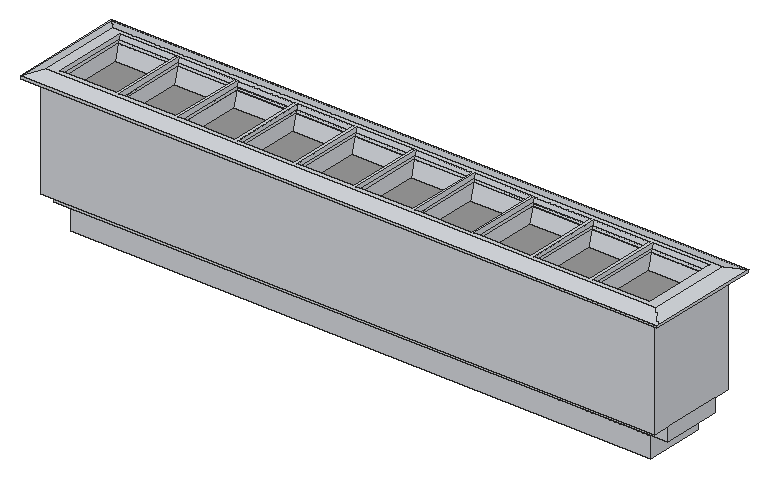
Revit family "2061471 Sylvania Lighting Fixture DOMINO 10xLED 930 BLACK MB TRIM BLACK DALI", category Lighting Fixtures, host Face, Revit 2018
Family settings
  Host = Face
  Round Connector Dimension = Use Diameter
  Part Type = Normal
  OmniClass Number = 23.80.70.00
  OmniClass Title = Lighting
  Cut with Voids When Loaded = No
  Light Source = Yes
  Shared = No
  Room Calculation Point = No
Parameters (values of type "2061471 DOMINO 10XLED 930 BLACK MB TR BLK DALI")
  top top width = 15.812 mm
  top top length = 255 mm
  Width = 50 mm
  Weight = "n/a"
  Wattage Comments = ""
  Wattage = 9.2903 W
  WarrantyStartDate [instance] = "n/a"
  WarrantyGuarantorParts = "n/a"
  WarrantyDurationUnit = "n/a"
  WarrantyDurationParts = ""
  WarrantyDescription = "http://www.sylvania-lighting.com"
  built-in parameter 1150110 = 1 (stored number, unit not read)
  Voltage = 0 V
  URL = "0.96"
  TypeName = "DOMINO 10xLED 930 BLACK MB TRIM BLACK DALI"
  Type Image = <None>
  Type Comments = "n/a"
  built-in parameter 1114217 = 1 (stored number, unit not read)
  Top Width = 26 mm
  Tilt Angle = 90.00°
  built-in parameter 1150109 = 1 (stored number, unit not read)
  built-in parameter 1150134 = 3
  built-in parameter 1150113 = 1 (stored number, unit not read)
  SerialNumber [instance] = "n/a"
  Recessed Width = 43 mm
  Recessed Length = 276 mm
  Photometric Web File = "2061471.ies"
  Material_3_FEILO = none
  PowerFactor = 0
  PowerConsumption = "Lighting"
  NominalLength = 50 mm
  NominalHeight = 0 mm
  NominalDepth = 0 mm
  Name = "DOMINO 10xLED 930 BLACK MB TRIM BLACK DALI"
  ModelReference = Name  # "DOMINO 10xLED 930 BLACK MB TRIM BLACK DALI"
  ModelNumber = "2061471"
  Model = Name  # "DOMINO 10xLED 930 BLACK MB TRIM BLACK DALI"
  Material = "Feilo Sylvania"
  ManufacturerName = "62 lm/W"
  Manufacturer = ""
  LuminousEfficacy = ""
  built-in parameter 1150105 = 109.82 (stored number, unit not read)
  Lumens = 1380 lm
  LuminaireType = "0"
  built-in parameter 1150115 = 1 (stored number, unit not read)
  LightOutputRatio = "LED"
  built-in parameter 1150137 = (empty or 0)
  built-in parameter 1150139 = (empty or 0)
  Lens inside recess = 25 mm
  Lens Width = 32 mm
  Lens Outside recess = 31.978 mm
  Lens = Glass, White, High Luminance
  Length = 280 mm
  LampsType = Lamp  # "n/a"
  LampNominalLuminous = "3000 K"
  LampMacAdamStep = "90"
  LampColourTemperature = "LED"
  LampColourRenderingIndex = "16500"
  built-in parameter 1150112 = 1 (stored number, unit not read)
  built-in parameter 1150114 = 1 (stored number, unit not read)
  Lamp = "n/a"
  Keynote = "n/a"
  InstallationDate [instance] = "n/a"
  InputVoltage = "0"
  InputNominalFrequency = "3000"
  built-in parameter 1150132 = (empty or 0)
  built-in parameter 1150102 = (empty or 0)
  built-in parameter 1150107 = 3200 (stored number, unit not read)
  built-in parameter 1150138 = (empty or 0)
  IngressProtection = "IfcLightFixtureType"
  ImpactProtectionIndex = "IfcLightFixtureType"
  built-in parameter 1150106 = 1.0982 (stored number, unit not read)
  IfcExportType = "IfcLightFixtureType"
  IfcExportAs = "Class II"
  Facia internal width = 37 mm
  Facia internal length = 268 mm
  Facia Height = 2 mm
  ExpectedLife = 50000
  Emit from Circle Diameter = 609.6 mm
  Emit Shape Visible in Rendering = no
  ElectricShockClassification = "62"
  built-in parameter 1150104 = 13.8 (stored number, unit not read)
  DurationUnit = "hours"
  DocumentationLiterature = "http://www.sylvania-lighting.com/product/en-int/products/2061471"
  DimmingControlOptions = "n/a"
  Material_2_FEILO = none
  Dimming Lamp Color Temperature Shift = <None>
  Description = "Modular LED recessed linear spotlight, ideal for retail and hospitality applications. Die-cast aluminium body, passive cooling. Two levels of reflector installation, low glaring UGR<16. 10x LED source, 30° beam angle , optics: PMMA lens and polycarbonate reflector combination, Black matt reflector finish. Light color temperature: 3000K warm white, total system power: 23W , total fixture lumen output: 1425lm, efficacy: 62 lm/W, Ra90 typical, LED chromacity: 3 step MacAdam ellipse (SDCM3), lifespan: 96,000 hours at 90% of the original output (L90B10), IR/UV free light source without heat radiation, operating voltage: 220-240V / 50-60Hz, electronic driver, ultra low flicker, DALI , electrical protection: Class II. Degree of Protection: IP40/IP20, suitable for indoor environment only. Ceiling cut-out: 43x43mm, outer dimensions:  280x50mm trim frame RAL 9005 - Jet black color.5 years Warranty."
  Default Elevation = 1219.2 mm
  CreatedOn = "11/02/2021"
  CreatedBy = "@sylvania-lighting.com"
  Cost = 0
  Color Filter = 16777215
  built-in parameter 1114216 [instance] = (empty or 0)
  ClassificationValue = "EF_70_80"
  ClassificationName = "Uniclass2015"
  Material_1_FEILO = none
  Body Width = 40 mm
  Body Length = 270 mm
  BarCode [instance] = "n/a"
  built-in parameter 1114218 = 1 (stored number, unit not read)
  built-in parameter 1150133 = 10 (stored number, unit not read)
  AssetType = "Fixed"
  AssetIdentifier [instance] = "n/a"
  Assembly Code = "D5020200"
  Apparent Load = 23 VA
  Material_4_FEILO = none
Reference planes
  plane 1 "Center (Front/Back)": y = 0
  plane 2: z = 0
  plane 3 "Center (Left/Right)": x = 0
  plane 4: z = 0
  plane 5: z = -7
  plane 6: z = -45.895
  plane 7: z = -51.895
  plane 8: z = -60.895
  plane 9: x = -138
  plane 10: x = 138
  plane 11: y = 21.5
  plane 12: y = -21.5
  plane 13: x = -140
  plane 14: x = 140
  plane 15: y = 25
  plane 16: y = -25
  plane 17: x = 134
  plane 18: x = -134
  plane 19: y = 18.5
  plane 20: y = -18.5
  plane 21: z = 2
  plane 22: x = -135
  plane 23: x = 135
  plane 24: y = 20
  plane 25: y = -20
  plane 26: y = 13
  plane 27: y = -13
  plane 28: x = 127.5
  plane 29: x = -127.5
  plane 30: x = -132
  plane 31: y = 16.5
  plane 32: y = -16.472
  plane 33: y = 13
  plane 34: y = -12.972
  plane 35: x = 129.7
  plane 36: x = 127.224
Forms (mm)
  Extrusion 1, solid, not visible, detail levels medium+fine
    sketch origin (4.2, 0, 0) x (1, 0, 0) y (0, 1, 0)
      loop
        line (-29.2, 34.5) -> (-29.2, -34.5) -> (20.8, -34.5) -> (20.8, 34.5) -> (-29.2, 34.5)
    from 0 to 1
  Extrusion 2, solid, not visible, detail levels medium+fine
    sketch origin (4.044, 0, 0) x (1, 0, 0) y (0, 1, 0)
      loop
        line (-29.2, 34.5) -> (-29.2, -34.5) -> (20.8, -34.5) -> (20.8, 34.5) -> (-29.2, 34.5)
    from 0 to 1
  Blend 3, solid, not visible, detail levels medium+fine
    base sketch origin (4.2, 0, 0) x (1, 0, 0) y (0, 1, 0)
      loop
        line (-29.2, 34.5) -> (-29.2, -34.5) -> (20.8, -34.5) -> (20.8, 34.5) -> (-29.2, 34.5)
    top sketch origin (4.2, 0, 0) x (1, 0, 0) y (0, 1, 0)
      loop
        line (-21.7, 28) -> (-21.7, -28) -> (13.3, -28) -> (13.3, 28) -> (-21.7, 28)
    from 1 to 3
  Extrusion 4, solid, not visible, detail levels medium+fine
    sketch origin (3.419, 0, 0) x (1, 0, 0) y (0, 1, 0)
      loop
        line (-29.2, 34.5) -> (-29.2, -34.5) -> (20.8, -34.5) -> (20.8, 34.5) -> (-29.2, 34.5)
    from 0 to 1
  Blend 5, solid, not visible, detail levels medium+fine
    base sketch origin (3.575, 0, 0) x (1, 0, 0) y (0, 1, 0)
      loop
        line (-29.2, 34.5) -> (-29.2, -34.5) -> (20.8, -34.5) -> (20.8, 34.5) -> (-29.2, 34.5)
    top sketch origin (3.575, 0, 0) x (1, 0, 0) y (0, 1, 0)
      loop
        line (-21.7, 28) -> (-21.7, -28) -> (13.3, -28) -> (13.3, 28) -> (-21.7, 28)
    from 1 to 3
  Extrusion 6, solid, not visible, detail levels medium+fine
    sketch origin (4.247, 0, 0) x (1, 0, 0) y (0, 1, 0)
      loop
        line (-29.2, 34.5) -> (-29.2, -34.5) -> (20.8, -34.5) -> (20.8, 34.5) -> (-29.2, 34.5)
    from 0 to 1
  Blend 7, solid, not visible, detail levels medium+fine
    base sketch origin (4.403, 0, 0) x (1, 0, 0) y (0, 1, 0)
      loop
        line (-29.2, 34.5) -> (-29.2, -34.5) -> (20.8, -34.5) -> (20.8, 34.5) -> (-29.2, 34.5)
    top sketch origin (4.403, 0, 0) x (1, 0, 0) y (0, 1, 0)
      loop
        line (-21.7, 28) -> (-21.7, -28) -> (13.3, -28) -> (13.3, 28) -> (-21.7, 28)
    from 1 to 3
  Extrusion 8, void, detail levels medium+fine
    sketch origin (4.2, 0, 0) x (0, 1, 0) y (1, 0, 0)
      loop
        line (21.5, -142.2) -> (21.5, 133.8) -> (-21.5, 133.8) -> (-21.5, -142.2) -> (21.5, -142.2)
    from -9.934 to 83.097
  Extrusion 9, solid, detail levels medium+fine
    sketch origin (4.2, 0, 0) x (1, 0, 0) y (0, 1, 0)
      loop
        line (-144.2, 25) -> (-144.2, -25) -> (135.8, -25) -> (135.8, 25) -> (-144.2, 25)
    from 0 to 1
  Extrusion 10, solid, detail levels medium+fine
    sketch origin (4.2, 0, 0) x (1, 0, 0) y (0, 1, 0)
      loop
        line (-139.2, 20) -> (-139.2, -20) -> (130.8, -20) -> (130.8, 20) -> (-139.2, 20)
    from 0 to -45.895
  Extrusion 11, solid, detail levels medium+fine
    sketch origin (4.2, 0, 0) x (1, 0, 0) y (0, 1, 0)
      loop
        line (-139.2, 13) -> (-139.2, -13) -> (130.8, -13) -> (130.8, 13) -> (-139.2, 13)
    from -51.895 to -45.895
  Extrusion 12, solid, material "Glass, White, High Luminance" <- "Lens", detail levels fine
    sketch origin (-53.155, 1221.106, 36.156) x (1, 0, 0) y (0, 1, 0)
      loop
        line (-76.18, -1206.856) -> (-76.18, -1232.856) -> (-52.18, -1232.856) -> (-52.18, -1206.856) -> (-76.18, -1206.856)
    from -43.156 to -42.182
  Blend 13, solid, detail levels medium+fine
    base sketch origin (4.2, 0, 0) x (1, 0, 0) y (0, 1, 0)
      loop
        line (-144.2, 25) -> (-144.2, -25) -> (135.8, -25) -> (135.8, 25) -> (-144.2, 25)
    top sketch origin (4.2, 0, 0) x (1, 0, 0) y (0, 1, 0)
      loop
        line (-138.2, 18.5) -> (-138.2, -18.5) -> (129.8, -18.5) -> (129.8, 18.5) -> (-138.2, 18.5)
    from 1 to 3
  Extrusion 14, solid, detail levels fine
    sketch origin (0, 0, 0) x (1, 0, 0) y (0, 0, 1)
      loop
        line (-127.5, -51.895) -> (-127.5, -60.895) -> (127.5, -60.895) -> (127.5, -51.895) -> (-127.5, -51.895)
    from -13 to 13
  Blend 15, void
    base sketch origin (-59.8, 0, 0) x (0, 1, 0) y (-1, 0, 0)
      loop
        line (16.5, 69.7) -> (-16.472, 69.7) -> (-16.472, 44.7) -> (16.5, 44.7) -> (16.5, 69.7)
    top sketch origin (-59.8, 0, 0) x (0, 1, 0) y (-1, 0, 0)
      loop
        line (13, 69.2) -> (-12.972, 69.2) -> (-12.972, 45.2) -> (13, 45.2) -> (13, 69.2)
    from 3 to -7
  Blend 16, void
    base sketch origin (18.282, 0, 0) x (0, 1, 0) y (-1, 0, 0)
      loop
        line (16.5, 69.7) -> (-16.472, 69.7) -> (-16.472, 44.7) -> (16.5, 44.7) -> (16.5, 69.7)
    top sketch origin (18.282, 0, 0) x (0, 1, 0) y (-1, 0, 0)
      loop
        line (13, 69.2) -> (-12.972, 69.2) -> (-12.972, 45.2) -> (13, 45.2) -> (13, 69.2)
    from 3 to -7
  Blend 17, void
    base sketch origin (44.284, -0.017, 0) x (0, 1, 0) y (-1, 0, 0)
      loop
        line (16.5, 69.7) -> (-16.472, 69.7) -> (-16.472, 44.7) -> (16.5, 44.7) -> (16.5, 69.7)
    top sketch origin (44.284, -0.017, 0) x (0, 1, 0) y (-1, 0, 0)
      loop
        line (13, 69.2) -> (-12.972, 69.2) -> (-12.972, 45.2) -> (13, 45.2) -> (13, 69.2)
    from 3 to -7
  Blend 18, void
    base sketch origin (70.327, 0, 0) x (0, 1, 0) y (-1, 0, 0)
      loop
        line (16.5, 69.7) -> (-16.472, 69.7) -> (-16.472, 44.7) -> (16.5, 44.7) -> (16.5, 69.7)
    top sketch origin (70.327, 0, 0) x (0, 1, 0) y (-1, 0, 0)
      loop
        line (13, 69.2) -> (-12.972, 69.2) -> (-12.972, 45.2) -> (13, 45.2) -> (13, 69.2)
    from 3 to -7
  Blend 19, void
    base sketch origin (96.351, 0, 0) x (0, 1, 0) y (-1, 0, 0)
      loop
        line (16.5, 69.7) -> (-16.472, 69.7) -> (-16.472, 44.7) -> (16.5, 44.7) -> (16.5, 69.7)
    top sketch origin (96.351, 0, 0) x (0, 1, 0) y (-1, 0, 0)
      loop
        line (13, 69.2) -> (-12.972, 69.2) -> (-12.972, 45.2) -> (13, 45.2) -> (13, 69.2)
    from 3 to -7
  Extrusion 20, solid, material "Glass, White, High Luminance" <- "Lens", detail levels fine
    sketch origin (-29.269, 1219.946, 36.156) x (1, 0, 0) y (0, 1, 0)
      loop
        line (-73.723, -1206.946) -> (-73.723, -1232.946) -> (-49.723, -1232.946) -> (-49.723, -1206.946) -> (-73.723, -1206.946)
    from -43.156 to -42.182
  Extrusion 21, solid, material "Glass, White, High Luminance" <- "Lens", detail levels fine
    sketch origin (-0.613, 1219.733, 36.156) x (1, 0, 0) y (0, 1, 0)
      loop
        line (-76.347, -1206.7) -> (-76.347, -1232.733) -> (-52.347, -1232.733) -> (-52.347, -1206.7) -> (-76.347, -1206.7)
    from -43.156 to -42.182
  Extrusion 22, solid, material "Glass, White, High Luminance" <- "Lens", detail levels fine
    sketch origin (24.387, 1218.509, 36.156) x (1, 0, 0) y (0, 1, 0)
      loop
        line (-75.305, -1205.509) -> (-75.305, -1231.509) -> (-51.305, -1231.509) -> (-51.305, -1205.509) -> (-75.305, -1205.509)
    from -43.156 to -42.182
  Extrusion 23, solid, material "Glass, White, High Luminance" <- "Lens", detail levels fine
    sketch origin (51.187, 1219.547, 36.156) x (1, 0, 0) y (0, 1, 0)
      loop
        line (-76.102, -1206.547) -> (-76.102, -1232.547) -> (-52.102, -1232.547) -> (-52.102, -1206.547) -> (-76.102, -1206.547)
    from -43.156 to -42.182
  Blend 24, void
    base sketch origin (-33.792, 0, 0) x (0, 1, 0) y (-1, 0, 0)
      loop
        line (16.5, 69.7) -> (-16.472, 69.7) -> (-16.472, 44.7) -> (16.5, 44.7) -> (16.5, 69.7)
    top sketch origin (-33.792, 0, 0) x (0, 1, 0) y (-1, 0, 0)
      loop
        line (13, 69.2) -> (-12.972, 69.2) -> (-12.972, 45.2) -> (13, 45.2) -> (13, 69.2)
    from 3 to -7
  Blend 25, void
    base sketch origin (-7.76, 0, 0) x (0, 1, 0) y (-1, 0, 0)
      loop
        line (16.5, 69.7) -> (-16.472, 69.7) -> (-16.472, 44.7) -> (16.5, 44.7) -> (16.5, 69.7)
    top sketch origin (-7.76, 0, 0) x (0, 1, 0) y (-1, 0, 0)
      loop
        line (13, 69.2) -> (-12.972, 69.2) -> (-12.972, 45.2) -> (13, 45.2) -> (13, 69.2)
    from 3 to -7
  Blend 26, void
    base sketch origin (122.411, 0, 0) x (0, 1, 0) y (-1, 0, 0)
      loop
        line (16.5, 69.7) -> (-16.472, 69.7) -> (-16.472, 44.7) -> (16.5, 44.7) -> (16.5, 69.7)
    top sketch origin (122.411, 0, 0) x (0, 1, 0) y (-1, 0, 0)
      loop
        line (13, 69.2) -> (-12.972, 69.2) -> (-12.972, 45.2) -> (13, 45.2) -> (13, 69.2)
    from 3 to -7
  Extrusion 27, solid, material "Glass, White, High Luminance" <- "Lens", detail levels fine
    sketch origin (77.265, 1219.547, 36.156) x (1, 0, 0) y (0, 1, 0)
      loop
        line (-76.102, -1206.547) -> (-76.102, -1232.547) -> (-52.102, -1232.547) -> (-52.102, -1206.547) -> (-76.102, -1206.547)
    from -43.156 to -42.182
  Extrusion 28, solid, material "Glass, White, High Luminance" <- "Lens", detail levels fine
    sketch origin (100.753, 1219.547, 36.156) x (1, 0, 0) y (0, 1, 0)
      loop
        line (-76.102, -1206.547) -> (-76.102, -1232.547) -> (-52.102, -1232.547) -> (-52.102, -1206.547) -> (-76.102, -1206.547)
    from -43.156 to -42.182
  Extrusion 29, solid, material "Glass, White, High Luminance" <- "Lens", detail levels fine
    sketch origin (129.314, 1219.547, 36.156) x (1, 0, 0) y (0, 1, 0)
      loop
        line (-76.102, -1206.547) -> (-76.102, -1232.547) -> (-52.102, -1232.547) -> (-52.102, -1206.547) -> (-76.102, -1206.547)
    from -43.156 to -42.182
  Blend 30, void
    base sketch origin (148.416, 0, 0) x (0, 1, 0) y (-1, 0, 0)
      loop
        line (16.5, 69.7) -> (-16.472, 69.7) -> (-16.472, 44.7) -> (16.5, 44.7) -> (16.5, 69.7)
    top sketch origin (148.416, 0, 0) x (0, 1, 0) y (-1, 0, 0)
      loop
        line (13, 69.2) -> (-12.972, 69.2) -> (-12.972, 45.2) -> (13, 45.2) -> (13, 69.2)
    from 3 to -7
  Extrusion 31, solid, material "Glass, White, High Luminance" <- "Lens", detail levels fine
    sketch origin (155.278, 1219.547, 36.156) x (1, 0, 0) y (0, 1, 0)
      loop
        line (-76.102, -1206.547) -> (-76.102, -1232.547) -> (-52.102, -1232.547) -> (-52.102, -1206.547) -> (-76.102, -1206.547)
    from -43.156 to -42.182
  Blend 32, void
    base sketch origin (174.42, 0, 0) x (0, 1, 0) y (-1, 0, 0)
      loop
        line (16.5, 69.7) -> (-16.472, 69.7) -> (-16.472, 44.7) -> (16.5, 44.7) -> (16.5, 69.7)
    top sketch origin (174.42, 0, 0) x (0, 1, 0) y (-1, 0, 0)
      loop
        line (13, 69.2) -> (-12.972, 69.2) -> (-12.972, 45.2) -> (13, 45.2) -> (13, 69.2)
    from 3 to -7
  Extrusion 33, solid, material "Glass, White, High Luminance" <- "Lens", detail levels fine
    sketch origin (181.434, 1219.547, 36.156) x (1, 0, 0) y (0, 1, 0)
      loop
        line (-76.214, -1206.547) -> (-76.214, -1232.547) -> (-52.214, -1232.547) -> (-52.214, -1206.547) -> (-76.214, -1206.547)
    from -43.156 to -42.182
  Extrusion 34, solid, detail levels coarse
    sketch origin (4.2, 0, 0) x (1, 0, 0) y (0, 1, 0)
      loop
        line (-144.2, 25) -> (-144.2, -25) -> (135.8, -25) -> (135.8, 25) -> (-144.2, 25)
    from -60.895 to 3
Cuts and joins
  Blend 15, Blend 16, Blend 17, Blend 18, Blend 19, Blend 24, Blend 25, Blend 26, Blend 30, Blend 32 cuts Extrusion 9
  Blend 15, Blend 16, Blend 17, Blend 18, Blend 19, Blend 24, Blend 25, Blend 26, Blend 30, Blend 32 cuts Extrusion 10
  Blend 15, Blend 16, Blend 17, Blend 18, Blend 19, Blend 24, Blend 25, Blend 26, Blend 30, Blend 32 cuts Blend 13
  Blend 32 cuts Extrusion 31
Dimensions and locks
  "Recessed Length": plane 9 to plane 10
  equal spacing: plane 9, plane 3 "Center (Left/Right)", plane 10
  "Length": plane 13 to plane 14
  equal spacing: plane 13, plane 3 "Center (Left/Right)", plane 14
  "Recessed Width": plane 11 to plane 12
  equal spacing: plane 11, plane 1 "Center (Front/Back)", plane 12
  "Width": plane 15 to plane 16
  equal spacing: plane 15, plane 1 "Center (Front/Back)", plane 16
  "Facia internal length": plane 18 to plane 17
  equal spacing: plane 18, plane 3 "Center (Left/Right)", plane 17
  "Facia internal width": plane 19 to plane 20
  equal spacing: plane 19, plane 1 "Center (Front/Back)", plane 20
  "Facia Height": plane 21 to host face
  "Body Length": plane 22 to plane 23
  equal spacing: plane 22, plane 3 "Center (Left/Right)", plane 23
  "Body Width": plane 24 to plane 25
  equal spacing: plane 24, plane 1 "Center (Front/Back)", plane 25
  "Top Width": plane 26 to plane 27
  equal spacing: plane 26, plane 1 "Center (Front/Back)", plane 27
  "top top length": plane 29 to plane 28
  equal spacing: plane 29, plane 3 "Center (Left/Right)", plane 28  (x2)
  plane 28 to plane 29 = 255 mm
  equal spacing: plane 28, plane 3 "Center (Left/Right)", plane 29
  aligned and locked: plane 2 to host face
  aligned and locked: level to host face
  aligned and locked: Extrusion 11 to plane 7
  aligned and locked: Extrusion 10 to plane 6
  aligned and locked: Extrusion 12 to plane 5
Automatic sketch dimensions
  Extrusion 1 sketch curve to Extrusion 1 sketch curve = 50 mm
  Extrusion 1 sketch curve to Extrusion 1 sketch curve = 69 mm
  Extrusion 2 sketch curve to Extrusion 2 sketch curve = 50 mm
  Extrusion 2 sketch curve to Extrusion 2 sketch curve = 69 mm
  Blend 3 sketch curve to Blend 3 sketch curve = 50 mm
  Blend 3 sketch curve to Blend 3 sketch curve = 69 mm
  Blend 3 sketch curve to Blend 3 sketch curve = 35 mm
  Blend 3 sketch curve to Blend 3 sketch curve = 56 mm
  Extrusion 4 sketch curve to Extrusion 4 sketch curve = 50 mm
  Extrusion 4 sketch curve to Extrusion 4 sketch curve = 69 mm
  Blend 5 sketch curve to Blend 5 sketch curve = 50 mm
  Blend 5 sketch curve to Blend 5 sketch curve = 69 mm
  Blend 5 sketch curve to Blend 5 sketch curve = 35 mm
  Blend 5 sketch curve to Blend 5 sketch curve = 56 mm
  Extrusion 6 sketch curve to Extrusion 6 sketch curve = 50 mm
  Extrusion 6 sketch curve to Extrusion 6 sketch curve = 69 mm
  Blend 7 sketch curve to Blend 7 sketch curve = 50 mm
  Blend 7 sketch curve to Blend 7 sketch curve = 69 mm
  Blend 7 sketch curve to Blend 7 sketch curve = 35 mm
  Blend 7 sketch curve to Blend 7 sketch curve = 56 mm
  host sketch curve to host sketch curve = 2438.4 mm  (x2)
  Extrusion 8 sketch curve to plane 9 = 0 mm
  Extrusion 8 sketch curve to plane 12 = 0 mm
  Extrusion 8 sketch curve to plane 11 = 0 mm
  Extrusion 8 sketch curve to plane 10 = 0 mm
  Extrusion 9 sketch curve to plane 13 = 0 mm
  Extrusion 9 sketch curve to plane 14 = 0 mm
  Extrusion 9 sketch curve to plane 16 = 0 mm
  Extrusion 9 sketch curve to plane 15 = 0 mm
  Extrusion 10 sketch curve to plane 22 = 0 mm
  Extrusion 10 sketch curve to plane 23 = 0 mm
  Extrusion 10 sketch curve to plane 25 = 0 mm
  Extrusion 10 sketch curve to plane 24 = 0 mm
  Extrusion 11 sketch curve to plane 22 = 0 mm
  Extrusion 11 sketch curve to plane 23 = 0 mm
  Extrusion 11 sketch curve to plane 27 = 0 mm
  plane 26 to Extrusion 11 sketch curve = 0 mm
  plane 27 to Extrusion 12 sketch curve = 1.25 mm
  plane 26 to Extrusion 12 sketch curve = 1.25 mm
  plane 30 to Extrusion 12 sketch curve = 2.665 mm
  Blend 13 sketch curve to plane 13 = 0 mm
  Blend 13 sketch curve to plane 14 = 0 mm
  Blend 13 sketch curve to plane 16 = 0 mm
  Blend 13 sketch curve to plane 15 = 0 mm
  Blend 13 sketch curve to plane 18 = 0 mm
  Blend 13 sketch curve to plane 17 = 0 mm
  Blend 13 sketch curve to plane 20 = 0 mm
  Blend 13 sketch curve to plane 19 = 0 mm
  Extrusion 14 sketch curve to plane 8 = 0 mm
  Extrusion 14 sketch curve to plane 29 = 0 mm
  Extrusion 14 sketch curve to plane 28 = 0 mm
  Extrusion 14 sketch curve to plane 7 = 0 mm
  plane 30 to Blend 15 sketch curve = 2.5 mm
  Blend 15 sketch curve to plane 32 = 0 mm
  Blend 15 sketch curve to plane 31 = 0 mm
  Blend 15 sketch curve to plane 34 = 0 mm
  Blend 15 sketch curve to plane 26 = 0 mm
  plane 30 to Blend 15 sketch curve = 3 mm
  Blend 16 sketch curve to plane 32 = 0 mm
  Blend 16 sketch curve to plane 31 = 0 mm
  Blend 16 sketch curve to plane 34 = 0 mm
  Blend 16 sketch curve to plane 26 = 0 mm
  Blend 17 sketch curve to plane 32 = 0.017 mm
  Blend 17 sketch curve to plane 31 = 0.017 mm
  plane 27 to Blend 17 sketch curve = 0.011 mm
  Blend 17 sketch curve to plane 26 = 0.017 mm
  plane 32 to Blend 18 sketch curve = 0 mm
  plane 31 to Blend 18 sketch curve = 0 mm
  plane 34 to Blend 18 sketch curve = 0 mm
  plane 26 to Blend 18 sketch curve = 0 mm
  Blend 19 sketch curve to plane 32 = 0 mm
  Blend 19 sketch curve to plane 31 = 0 mm
  Blend 19 sketch curve to plane 34 = 0 mm
  Blend 19 sketch curve to plane 26 = 0 mm
  Extrusion 20 sketch curve to plane 27 = 0 mm
  Extrusion 20 sketch curve to plane 26 = 0 mm
  Extrusion 21 sketch curve to plane 27 = 0 mm
  plane 26 to Extrusion 21 sketch curve = 0.033 mm
  Extrusion 22 sketch curve to plane 27 = 0 mm
  Extrusion 22 sketch curve to plane 26 = 0 mm
  Extrusion 23 sketch curve to plane 27 = 0 mm
  Extrusion 23 sketch curve to plane 26 = 0 mm
  Blend 24 sketch curve to plane 32 = 0 mm
  Blend 24 sketch curve to plane 31 = 0 mm
  Blend 24 sketch curve to plane 34 = 0 mm
  Blend 24 sketch curve to plane 26 = 0 mm
  Blend 25 sketch curve to plane 32 = 0 mm
  Blend 25 sketch curve to plane 31 = 0 mm
  Blend 25 sketch curve to plane 34 = 0 mm
  Blend 25 sketch curve to plane 26 = 0 mm
  Blend 26 sketch curve to plane 32 = 0 mm
  Blend 26 sketch curve to plane 31 = 0 mm
  Blend 26 sketch curve to plane 34 = 0 mm
  Blend 26 sketch curve to plane 26 = 0 mm
  Extrusion 27 sketch curve to plane 27 = 0 mm
  Extrusion 27 sketch curve to plane 26 = 0 mm
  Extrusion 28 sketch curve to plane 27 = 0 mm
  Extrusion 28 sketch curve to plane 26 = 0 mm
  Extrusion 29 sketch curve to plane 27 = 0 mm
  Extrusion 29 sketch curve to plane 26 = 0 mm
  Blend 30 sketch curve to plane 32 = 0 mm
  Blend 30 sketch curve to plane 31 = 0 mm
  Blend 30 sketch curve to plane 34 = 0 mm
  Blend 30 sketch curve to plane 26 = 0 mm
  Extrusion 31 sketch curve to plane 27 = 0 mm
  Extrusion 31 sketch curve to plane 26 = 0 mm
  Blend 32 sketch curve to plane 32 = 0 mm
  Blend 32 sketch curve to plane 31 = 0 mm
  plane 28 to Blend 32 sketch curve = 2.22 mm
  Blend 32 sketch curve to plane 34 = 0 mm
  Blend 32 sketch curve to plane 26 = 0 mm
  plane 28 to Blend 32 sketch curve = 1.72 mm
  plane 27 to Extrusion 33 sketch curve = 0 mm
  plane 26 to Extrusion 33 sketch curve = 0 mm
  plane 28 to Extrusion 33 sketch curve = 1.72 mm
  Extrusion 21 sketch curve to Extrusion 21 sketch curve = 24 mm
  Blend 25 sketch curve to Blend 25 sketch curve = 24 mm
  plane 29 to Extrusion 12 sketch curve = 22.165 mm
  plane 29 to Blend 15 sketch curve = 23 mm
  plane 29 to Blend 15 sketch curve = 22.5 mm
  plane 29 to Extrusion 20 sketch curve = 24.508 mm
  Extrusion 20 sketch curve to Extrusion 20 sketch curve = 24 mm
  plane 29 to Blend 24 sketch curve = 49.008 mm
  plane 29 to Blend 24 sketch curve = 24.008 mm
  plane 29 to Blend 24 sketch curve = 48.508 mm
  Blend 24 sketch curve to Blend 24 sketch curve = 24 mm
  Blend 25 sketch curve to Blend 25 sketch curve = 25 mm
  Blend 16 sketch curve to Blend 16 sketch curve = 25 mm
  Blend 16 sketch curve to Blend 16 sketch curve = 24 mm
  plane 29 to Extrusion 21 sketch curve = 50.54 mm
  Extrusion 22 sketch curve to Extrusion 22 sketch curve = 24 mm
  Blend 16 sketch curve to plane 3 "Center (Left/Right)" = 26.418 mm
  Blend 16 sketch curve to plane 3 "Center (Left/Right)" = 26.918 mm
  Blend 17 sketch curve to plane 3 "Center (Left/Right)" = 0.416 mm
  Blend 17 sketch curve to Blend 17 sketch curve = 25 mm
  Blend 17 sketch curve to plane 3 "Center (Left/Right)" = 0.916 mm
  Blend 17 sketch curve to Blend 17 sketch curve = 24 mm
  plane 3 "Center (Left/Right)" to Blend 18 sketch curve = 0.627 mm
  plane 3 "Center (Left/Right)" to Blend 18 sketch curve = 1.127 mm
  Extrusion 22 sketch curve to plane 3 "Center (Left/Right)" = 50.918 mm
  Extrusion 23 sketch curve to plane 3 "Center (Left/Right)" = 24.916 mm
  Extrusion 23 sketch curve to plane 3 "Center (Left/Right)" = 0.916 mm
  Blend 25 sketch curve to plane 3 "Center (Left/Right)" = 52.46 mm
  Blend 25 sketch curve to plane 3 "Center (Left/Right)" = 52.96 mm
  plane 3 "Center (Left/Right)" to Extrusion 27 sketch curve = 1.162 mm
  Blend 18 sketch curve to Blend 18 sketch curve = 25 mm
  Blend 18 sketch curve to Blend 18 sketch curve = 24 mm
  plane 3 "Center (Left/Right)" to Blend 19 sketch curve = 51.651 mm
  Blend 19 sketch curve to Blend 19 sketch curve = 25 mm
  plane 3 "Center (Left/Right)" to Blend 19 sketch curve = 51.151 mm
  Blend 19 sketch curve to Blend 19 sketch curve = 24 mm
  Blend 26 sketch curve to plane 36 = 49.513 mm
  Blend 26 sketch curve to Blend 26 sketch curve = 25 mm
  Blend 26 sketch curve to plane 36 = 50.013 mm
  Blend 26 sketch curve to Blend 26 sketch curve = 24 mm
  Extrusion 27 sketch curve to Extrusion 27 sketch curve = 24 mm
  plane 3 "Center (Left/Right)" to Extrusion 28 sketch curve = 24.651 mm
  Extrusion 28 sketch curve to Extrusion 28 sketch curve = 24 mm
  plane 3 "Center (Left/Right)" to Extrusion 29 sketch curve = 53.211 mm
  Extrusion 29 sketch curve to Extrusion 29 sketch curve = 24 mm
  Blend 30 sketch curve to plane 36 = 23.508 mm
  Blend 30 sketch curve to Blend 30 sketch curve = 25 mm
  Blend 30 sketch curve to plane 36 = 24.008 mm
  Blend 30 sketch curve to Blend 30 sketch curve = 24 mm
  Extrusion 31 sketch curve to plane 36 = 48.048 mm
  Extrusion 31 sketch curve to Extrusion 31 sketch curve = 24 mm
  Blend 32 sketch curve to plane 36 = 22.504 mm
  Blend 32 sketch curve to plane 36 = 22.004 mm
  Extrusion 33 sketch curve to plane 36 = 22.004 mm
  Extrusion 34 sketch curve to plane 13 = 0 mm
  Extrusion 34 sketch curve to plane 14 = 0 mm
  Extrusion 34 sketch curve to plane 16 = 0 mm
  Extrusion 34 sketch curve to plane 15 = 0 mm
Connectors
  electrical at (0, 0, -60.895)
    settings: on Extrusion 14, index 1, voltage 0 V, apparent load 0 VA, apparent load phase1 0 VA, apparent load phase2 0 VA, apparent load phase3 0 VA, power factor 1, load classification "Other", number of poles 1, system type 31, power factor state 1, is connector primary yes, connector utility no, sub classification motor no, connector description ""
